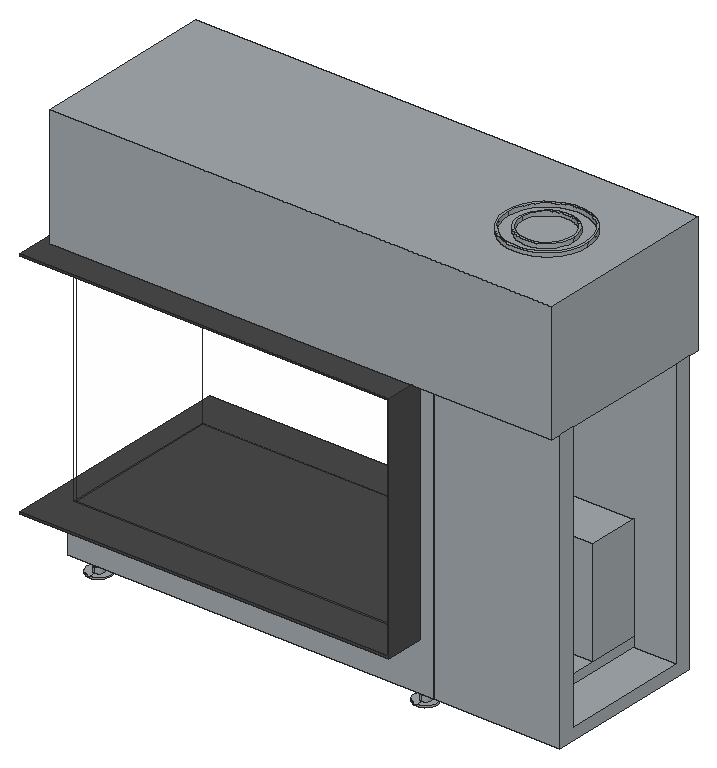
Revit family "METALFIRE_AVENUE_MF_GHE_3S_EXT", category Mechanical Equipment, host Wall, Revit 2017
Family settings
  Host = Wall
  Round Connector Dimension = Use Diameter
  Part Type = Normal
  OmniClass Number = 23.75.00.00
  OmniClass Title = Climate Control (HVAC)
  Always vertical = Yes
  Cut with Voids When Loaded = No
  Shared = No
  Room Calculation Point = Yes
Parameters (values of type "900 x 600 mm")
  WIDTH = 888 mm
  WEIGHT = 200.00 kg
  URL = "https://www.metalfire.eu"
  TECHNICAL SHEET = "https://www.metalfire.eu/en/products/gas-fireplaces/avenue"
  SMOKE EXHAUST = "Ø130/200 mm"
  PRODUCT SHEET = "https://www.archiproducts.com/en/products/metalfire/gas-3-sided-closed-fireplace-avenue-extended_457056"
  PRODUCT CODE = "MF 900-60 GHE 3S EXT"
  OVERALL WIDTH = 1287 mm
  OVERALL HEIGHT = 1083 mm
  OVERALL DEPTH = 468 mm
  OUTPUT = 8.4 kW
  Model = "Avenue"
  Manufacturer = "Metalfire"
  MATERIAL DESCRIPTION = "Iron, galvanized steel and vermiculite plates"
  HEIGHT = 598 mm
  FRAME MATERIAL = Iron - Metalfire
  FINISHING MATERIAL = Black painted vermiculite plates - Metalfire
  ENERGY EFFICIENCY CLASS = "B"
  EFFICIENCY = 86.50%
  Description = "The Avenue represents the gas-fired high efficiency closed fireplaces in the Metalfire range."
  DEPTH = 395 mm
  BIM USER MANUAL = "https://img.edilportale.com/bim/METALFIRE-BIM-USER-MANUAL-Metalfire-bim.pdf"
  BIM BADGE = "https://bim.archiproducts.com/en/badge/bim-archiproducts-featured_658700/about"
  BIM AUTHOR = "https://bim.archiproducts.com"
Types (2, lengths in mm): name | WIDTH | PRODUCT CODE | OVERALL WIDTH | OVERALL HEIGHT | OUTPUT | HEIGHT | EFFICIENCY
  900 x 600 mm | 888 | "MF 900-60 GHE 3S EXT" | 1287 | 1083 | 8.4 kW | 598 | 86.50%
  1050 x 400 mm | 1038 | "MF 1050-40 GHE 3S EXT" | 1413 | 883 | 8.3 kW | 398 | 84.00%
Reference planes
  plane 1 "Wall": y = 0
  plane 2 "Center (Left/Right)": x = 0
  plane 3 "Back": y = 305
  plane 4: x = 444
  plane 5: x = -444
  plane 6: z = 168
  plane 7: z = 766
Forms (mm)
  Extrusion 1, void
    sketch origin (0, 305, 0) x (1, 0, 0) y (0, 0, 1)
      loop
        line (444, 168) -> (444, 766) -> (-503.25, 766) -> (-503.25, 168) -> (444, 168)
    from 0 to 610
  Extrusion 2, solid, material "Iron - Metalfire" <- "FRAME MATERIAL", detail levels fine
    sketch origin (0, 373.083, 0) x (-1, 0, 0) y (0, -1, 0)
      loop
        circle (-603.75, 373.083) r 100
      loop
        circle (-603.75, 373.083) r 105
    from 1073 to 1083
  Extrusion 3, solid, material "Iron - Metalfire" <- "FRAME MATERIAL", detail levels fine
    sketch origin (0, 373.083, 0) x (-1, 0, 0) y (0, -1, 0)
      loop
        circle (-603.75, 373.083) r 65
      loop
        circle (-603.75, 373.083) r 70
    from 1073 to 1083
  Revolve 4, solid, material "Iron - Metalfire" <- "FRAME MATERIAL", detail levels fine
    sketch origin (-419, -558.23, 1200) x (0, -1, 0) y (0, 0, 1)
      loop
        line (-714.93, -1200) -> (-684.93, -1200) -> (-684.93, -1197) -> (-702.93, -1197) -> (-702.93, -1184) -> (-706.93, -1184) -> (-706.93, -1122) -> (-714.93, -1122) -> (-714.93, -1200)
      axis (-714.93, -1122) -> (-714.93, -1200)
    angle from 0 to 360
  Revolve 5, solid, material "Iron - Metalfire" <- "FRAME MATERIAL", detail levels fine
    sketch origin (-419, -244.73, 1200) x (0, -1, 0) y (0, 0, 1)
      loop
        line (-87.93, -1200) -> (-57.93, -1200) -> (-57.93, -1197) -> (-75.93, -1197) -> (-75.93, -1184) -> (-79.93, -1184) -> (-79.93, -1122) -> (-87.93, -1122) -> (-87.93, -1200)
      axis (-87.93, -1122) -> (-87.93, -1200)
    angle from 0 to 360
  Revolve 6, solid, material "Iron - Metalfire" <- "FRAME MATERIAL", detail levels fine
    sketch origin (-419, -558.23, 1200) x (0, -1, 0) y (0, 0, 1)
      loop
        line (-714.93, -1200) -> (-684.93, -1200) -> (-684.93, -1197) -> (-702.93, -1197) -> (-702.93, -1184) -> (-706.93, -1184) -> (-706.93, -1122) -> (-714.93, -1122) -> (-714.93, -1200)
      axis (-714.93, -1122) -> (-714.93, -1200)
    angle from 0 to 360
  Revolve 7, solid, material "Iron - Metalfire" <- "FRAME MATERIAL", detail levels fine
    sketch origin (-419, -244.73, 1200) x (0, -1, 0) y (0, 0, 1)
      loop
        line (-87.93, -1200) -> (-57.93, -1200) -> (-57.93, -1197) -> (-75.93, -1197) -> (-75.93, -1184) -> (-79.93, -1184) -> (-79.93, -1122) -> (-87.93, -1122) -> (-87.93, -1200)
      axis (-87.93, -1122) -> (-87.93, -1200)
    angle from 0 to 360
  Extrusion 8, solid, detail levels fine
    sketch origin (60, -313.8, 0) x (-1, 0, 0) y (0, 0, 1)
      loop
        line (457, 78) -> (454, 78) -> (454, 29.8) -> (504, 29.8) -> (504, 78) -> (501, 78) -> (501, 32.8) -> (457, 32.8) -> (457, 78)
    from 131 to 183
  Extrusion 9, solid, detail levels fine
    sketch origin (60, 247.2, 0) x (-1, 0, 0) y (0, 0, -1)
      loop
        line (457, -78) -> (457, -32.8) -> (501, -32.8) -> (501, -78) -> (504, -78) -> (504, -29.8) -> (454, -29.8) -> (454, -78) -> (457, -78)
    from 64.5 to 116.5
  Revolve 10, solid, material "Iron - Metalfire" <- "FRAME MATERIAL", detail levels fine
    sketch origin (419, -558.18, 1200) x (0, -1, 0) y (0, 0, -1)
      loop
        line (-714.93, 1200) -> (-714.93, 1122) -> (-706.93, 1122) -> (-706.93, 1184) -> (-702.93, 1184) -> (-702.93, 1197) -> (-684.93, 1197) -> (-684.93, 1200) -> (-714.93, 1200)
      axis (-714.93, 1122) -> (-714.93, 1200)
    angle from 0 to 360
  Revolve 11, solid, material "Iron - Metalfire" <- "FRAME MATERIAL", detail levels fine
    sketch origin (419, -244.68, 1200) x (0, -1, 0) y (0, 0, -1)
      loop
        line (-87.93, 1200) -> (-87.93, 1122) -> (-79.93, 1122) -> (-79.93, 1184) -> (-75.93, 1184) -> (-75.93, 1197) -> (-57.93, 1197) -> (-57.93, 1200) -> (-87.93, 1200)
      axis (-87.93, 1122) -> (-87.93, 1200)
    angle from 0 to 360
  Revolve 12, solid, material "Iron - Metalfire" <- "FRAME MATERIAL", detail levels fine
    sketch origin (419, -558.18, 1200) x (0, -1, 0) y (0, 0, -1)
      loop
        line (-714.93, 1200) -> (-714.93, 1122) -> (-706.93, 1122) -> (-706.93, 1184) -> (-702.93, 1184) -> (-702.93, 1197) -> (-684.93, 1197) -> (-684.93, 1200) -> (-714.93, 1200)
      axis (-714.93, 1122) -> (-714.93, 1200)
    angle from 0 to 360
  Revolve 13, solid, material "Iron - Metalfire" <- "FRAME MATERIAL", detail levels fine
    sketch origin (419, -244.68, 1200) x (0, -1, 0) y (0, 0, -1)
      loop
        line (-87.93, 1200) -> (-87.93, 1122) -> (-79.93, 1122) -> (-79.93, 1184) -> (-75.93, 1184) -> (-75.93, 1197) -> (-57.93, 1197) -> (-57.93, 1200) -> (-87.93, 1200)
      axis (-87.93, 1122) -> (-87.93, 1200)
    angle from 0 to 360
  Extrusion 14, solid, detail levels fine
    sketch origin (-60, -313.75, 0) x (1, 0, 0) y (0, 0, -1)
      loop
        line (457, -78) -> (457, -32.8) -> (501, -32.8) -> (501, -78) -> (504, -78) -> (504, -29.8) -> (454, -29.8) -> (454, -78) -> (457, -78)
    from 131 to 183
  Extrusion 15, solid, detail levels fine
    sketch origin (-60, 247.25, 0) x (1, 0, 0) y (0, 0, 1)
      loop
        line (457, 78) -> (454, 78) -> (454, 29.8) -> (504, 29.8) -> (504, 78) -> (501, 78) -> (501, 32.8) -> (457, 32.8) -> (457, 78)
    from 64.5 to 116.5
  Revolve 16, solid, material "Iron - Metalfire" <- "FRAME MATERIAL", not visible, detail levels fine
    sketch origin (-435, -544.43, 1200) x (0, -1, 0) y (0, 0, 1)
      loop
        line (-714.93, -1200) -> (-684.93, -1200) -> (-684.93, -1197) -> (-702.93, -1197) -> (-702.93, -1184) -> (-706.93, -1184) -> (-706.93, -1122) -> (-714.93, -1122) -> (-714.93, -1200)
      axis (-714.93, -1122) -> (-714.93, -1200)
    angle from 0 to 360
  Revolve 17, solid, material "Iron - Metalfire" <- "FRAME MATERIAL", not visible, detail levels fine
    sketch origin (-435, -230.93, 1200) x (0, -1, 0) y (0, 0, 1)
      loop
        line (-87.93, -1200) -> (-57.93, -1200) -> (-57.93, -1197) -> (-75.93, -1197) -> (-75.93, -1184) -> (-79.93, -1184) -> (-79.93, -1122) -> (-87.93, -1122) -> (-87.93, -1200)
      axis (-87.93, -1122) -> (-87.93, -1200)
    angle from 0 to 360
  Revolve 18, solid, material "Iron - Metalfire" <- "FRAME MATERIAL", not visible, detail levels fine
    sketch origin (-435, -544.43, 1200) x (0, -1, 0) y (0, 0, 1)
      loop
        line (-714.93, -1200) -> (-684.93, -1200) -> (-684.93, -1197) -> (-702.93, -1197) -> (-702.93, -1184) -> (-706.93, -1184) -> (-706.93, -1122) -> (-714.93, -1122) -> (-714.93, -1200)
      axis (-714.93, -1122) -> (-714.93, -1200)
    angle from 0 to 360
  Revolve 19, solid, material "Iron - Metalfire" <- "FRAME MATERIAL", not visible, detail levels fine
    sketch origin (-435, -230.93, 1200) x (0, -1, 0) y (0, 0, 1)
      loop
        line (-87.93, -1200) -> (-57.93, -1200) -> (-57.93, -1197) -> (-75.93, -1197) -> (-75.93, -1184) -> (-79.93, -1184) -> (-79.93, -1122) -> (-87.93, -1122) -> (-87.93, -1200)
      axis (-87.93, -1122) -> (-87.93, -1200)
    angle from 0 to 360
  Extrusion 20, solid, not visible, detail levels fine
    sketch origin (44, -300, 0) x (-1, 0, 0) y (0, 0, 1)
      loop
        line (457, 78) -> (454, 78) -> (454, 29.8) -> (504, 29.8) -> (504, 78) -> (501, 78) -> (501, 32.8) -> (457, 32.8) -> (457, 78)
    from 131 to 183
  Extrusion 21, solid, not visible, detail levels fine
    sketch origin (44, 261, 0) x (-1, 0, 0) y (0, 0, -1)
      loop
        line (457, -78) -> (457, -32.8) -> (501, -32.8) -> (501, -78) -> (504, -78) -> (504, -29.8) -> (454, -29.8) -> (454, -78) -> (457, -78)
    from 64.5 to 116.5
  Revolve 22, solid, material "Iron - Metalfire" <- "FRAME MATERIAL", not visible, detail levels fine
    sketch origin (447, -544.43, 1200) x (0, -1, 0) y (0, 0, -1)
      loop
        line (-714.93, 1200) -> (-714.93, 1122) -> (-706.93, 1122) -> (-706.93, 1184) -> (-702.93, 1184) -> (-702.93, 1197) -> (-684.93, 1197) -> (-684.93, 1200) -> (-714.93, 1200)
      axis (-714.93, 1122) -> (-714.93, 1200)
    angle from 0 to 360
  Revolve 23, solid, material "Iron - Metalfire" <- "FRAME MATERIAL", not visible, detail levels fine
    sketch origin (447, -230.93, 1200) x (0, -1, 0) y (0, 0, -1)
      loop
        line (-87.93, 1200) -> (-87.93, 1122) -> (-79.93, 1122) -> (-79.93, 1184) -> (-75.93, 1184) -> (-75.93, 1197) -> (-57.93, 1197) -> (-57.93, 1200) -> (-87.93, 1200)
      axis (-87.93, 1122) -> (-87.93, 1200)
    angle from 0 to 360
  Revolve 24, solid, material "Iron - Metalfire" <- "FRAME MATERIAL", not visible, detail levels fine
    sketch origin (447, -544.43, 1200) x (0, -1, 0) y (0, 0, -1)
      loop
        line (-714.93, 1200) -> (-714.93, 1122) -> (-706.93, 1122) -> (-706.93, 1184) -> (-702.93, 1184) -> (-702.93, 1197) -> (-684.93, 1197) -> (-684.93, 1200) -> (-714.93, 1200)
      axis (-714.93, 1122) -> (-714.93, 1200)
    angle from 0 to 360
  Revolve 25, solid, material "Iron - Metalfire" <- "FRAME MATERIAL", not visible, detail levels fine
    sketch origin (447, -230.93, 1200) x (0, -1, 0) y (0, 0, -1)
      loop
        line (-87.93, 1200) -> (-87.93, 1122) -> (-79.93, 1122) -> (-79.93, 1184) -> (-75.93, 1184) -> (-75.93, 1197) -> (-57.93, 1197) -> (-57.93, 1200) -> (-87.93, 1200)
      axis (-87.93, 1122) -> (-87.93, 1200)
    angle from 0 to 360
  Extrusion 26, solid, not visible, detail levels fine
    sketch origin (-32, -300, 0) x (1, 0, 0) y (0, 0, -1)
      loop
        line (457, -78) -> (457, -32.8) -> (501, -32.8) -> (501, -78) -> (504, -78) -> (504, -29.8) -> (454, -29.8) -> (454, -78) -> (457, -78)
    from 131 to 183
  Extrusion 27, solid, not visible, detail levels fine
    sketch origin (-32, 261, 0) x (1, 0, 0) y (0, 0, 1)
      loop
        line (457, 78) -> (454, 78) -> (454, 29.8) -> (504, 29.8) -> (504, 78) -> (501, 78) -> (501, 32.8) -> (457, 32.8) -> (457, 78)
    from 64.5 to 116.5
  Extrusion 28, void
    sketch origin (0, 0, 0) x (1, 0, 0) y (0, 1, 0)
      loop
        line (-483.25, -234) -> (803.75, -234) -> (803.75, 234) -> (-483.25, 234) -> (-483.25, -234)
    from 0 to 1083
  Extrusion 29, solid, material "Iron - Metalfire" <- "FRAME MATERIAL", detail levels fine
    sketch origin (0, 0, 0) x (1, 0, 0) y (0, 0, 1)
      loop
        line (803.75, 1073) -> (-483.25, 1073) -> (-483.25, 766) -> (803.75, 766) -> (803.75, 1073)
    from -234 to 234
  Extrusion 30, solid, material "Iron - Metalfire" <- "FRAME MATERIAL", detail levels fine
    sketch origin (0, 0, 0) x (1, 0, 0) y (0, 0, 1)
      loop
        line (479, 766) -> (444, 766) -> (444, 168) -> (-460, 168) -> (-460, 46) -> (479, 46) -> (479, 766)
    from -206.5 to 206.5
  Extrusion 31, solid, material "Iron - Metalfire" <- "FRAME MATERIAL", detail levels fine
    sketch origin (0, 0, 0) x (0, 1, 0) y (0, 0, 1)
      loop
        line (-206.5, 46) -> (206.5, 46) -> (206.5, 766) -> (166.5, 766) -> (166.5, 76) -> (-166.5, 76) -> (-166.5, 766) -> (-206.5, 766) -> (-206.5, 46)
    from 479 to 803.75
  Extrusion 32, solid, material "Iron - Metalfire" <- "FRAME MATERIAL", detail levels fine
    sketch origin (0, 0, 0) x (1, 0, 0) y (0, 1, 0)
      loop
        circle (603.75, -59) r 77.5
    from 100 to 766
  Extrusion 33, solid, material "Iron - Metalfire" <- "FRAME MATERIAL", detail levels fine
    sketch origin (0, 0, 0) x (1, 0, 0) y (0, 1, 0)
      loop
        line (479, -166.5) -> (694, -166.5) -> (694, 166.5) -> (479, 166.5) -> (479, -166.5)
    from 76 to 100
  Extrusion 34, solid, material "Iron - Metalfire" <- "FRAME MATERIAL", detail levels fine
    sketch origin (0, 0, 0) x (1, 0, 0) y (0, 1, 0)
      loop
        line (694, 166.5) -> (539, 166.5) -> (539, 36.5) -> (694, 36.5) -> (694, 166.5)
    from 100 to 370
  Extrusion 35, solid, material "Clear Glass - Metalfire", detail levels medium+fine
    sketch origin (0, 0, 0) x (1, 0, 0) y (0, 1, 0)
      loop
        line (-444, 206.5) -> (-444, -206.5) -> (439, -206.5) -> (439, -201.5) -> (-439, -201.5) -> (-439, 201.5) -> (439, 201.5) -> (439, 206.5) -> (-444, 206.5)
    from 173 to 761
  Extrusion 36, solid, material "Black painted vermiculite plates - Metalfire" <- "FINISHING MATERIAL", detail levels medium+fine
    sketch origin (0, 305, 0) x (1, 0, 0) y (0, 0, 1)
      loop
        line (444, 168) -> (444, 766) -> (-503.25, 766) -> (-503.25, 761) -> (439, 761) -> (439, 173) -> (-503.25, 173) -> (-503.25, 168) -> (444, 168)
    from 0 to 610
Text (mm)
  text "Placement side" at (-1820.995, 1116.779, 0), in view "Ref. Level"
  text "Placement side" at (0, 1334.055, 2976.191), in view "Left"
  text "Placement side" at (0, 439.194, 2944.362), in view "Right"
Dimensions and locks
  locked: plane 3 "Back" to host wall
  equal spacing: plane 5, plane 2 "Center (Left/Right)", plane 4
  "WIDTH": plane 5 to plane 4
  locked: level to plane 6 at 168
  "HEIGHT": plane 6 to plane 7
  locked: plane 7 to Extrusion 2 at 317
  locked: plane 4 to Extrusion 29 sketch curve at 359.75
  locked: plane 5 to Extrusion 29 sketch curve at 39.25
  locked: plane 7 to Extrusion 29 sketch curve at 307
  locked: Extrusion 30 sketch curve to plane 6 at 122
  locked: plane 5 to Extrusion 30 sketch curve at 16
  locked: Extrusion 30 sketch curve to plane 4 at 35
  locked: Extrusion 30 to plane 6 at 122
  locked: Extrusion 31 sketch curve to plane 6 at 92
  locked: plane 4 to Extrusion 2 sketch curve at 159.75
  locked: plane 4 to Extrusion 3 sketch curve at 159.75
  locked: Extrusion 33 to Extrusion 33 at 24
  locked: Extrusion 30 to Extrusion 33 sketch curve at 215
  locked: Extrusion 34 sketch curve to Extrusion 34 sketch curve at 130
  locked: Extrusion 34 sketch curve to Extrusion 34 sketch curve at 155
  locked: Extrusion 34 to Extrusion 34 at 270
  locked: Extrusion 30 to Extrusion 35 sketch curve at 5  (x2)
  locked: Extrusion 35 sketch curve to Extrusion 35 sketch curve at 5
  locked: plane 5 to Extrusion 36 sketch curve at 59.25
  locked: Extrusion 36 sketch curve to plane 5 at 59.25
  locked: Extrusion 36 sketch curve to Extrusion 36 sketch curve at 5  (x2)
  equal spacing: Extrusion 36, plane 1 "Wall", Extrusion 36
  aligned and locked: plane 1 "Wall" to host wall
  aligned and locked: Extrusion 2 to Extrusion 3  (x2)
  aligned and locked: Extrusion 28 to Extrusion 2
  aligned and locked: plane 7 to Extrusion 29 sketch curve
  aligned and locked: Extrusion 2 to Extrusion 29
  aligned and locked: Extrusion 30 sketch curve to plane 7
  aligned and locked: Extrusion 30 sketch curve to plane 6
  aligned and locked: plane 7 to Extrusion 31 sketch curve  (x2)
  aligned and locked: Extrusion 29 to Extrusion 31
  aligned and locked: Extrusion 31 to Extrusion 30  (x3)
  aligned and locked: plane 4 to Extrusion 15
  aligned and locked: Extrusion 9 to plane 5
  aligned and locked: plane 1 "Wall" to Extrusion 2 sketch curve
  aligned and locked: plane 1 "Wall" to Extrusion 3 sketch curve
  aligned and locked: Extrusion 33 to Extrusion 31
  aligned and locked: Extrusion 32 to Extrusion 33
  aligned and locked: plane 7 to Extrusion 32
  aligned and locked: Extrusion 33 sketch curve to Extrusion 31  (x2)
  aligned and locked: Extrusion 31 to Extrusion 33 sketch curve
  aligned and locked: Extrusion 34 sketch curve to Extrusion 31
  aligned and locked: Extrusion 33 to Extrusion 34 sketch curve
  aligned and locked: Extrusion 34 to Extrusion 32
  aligned and locked: Extrusion 35 sketch curve to plane 5
  aligned and locked: Extrusion 30 to Extrusion 35 sketch curve  (x2)
  aligned and locked: Extrusion 28 sketch curve to Extrusion 29  (x4)
  aligned and locked: Extrusion 1 sketch curve to plane 7
  aligned and locked: plane 6 to Extrusion 1 sketch curve
  aligned and locked: Extrusion 1 sketch curve to plane 4
  aligned and locked: nested 1 to Extrusion 29  (x4)
  aligned and locked: Extrusion 36 sketch curve to Extrusion 29
  aligned and locked: Extrusion 36 to plane 3 "Back"
  aligned and locked: Extrusion 35 to Extrusion 36  (x3)
  aligned and locked: Extrusion 35 to plane 5
  aligned and locked: Extrusion 1 sketch curve to Extrusion 36
  aligned and locked: host wall to Extrusion 1  (x2)
Automatic sketch dimensions
  Revolve 4 sketch curve to Revolve 4 sketch curve = 8 mm
  Revolve 4 sketch curve to Revolve 4 sketch curve = 4 mm
  Revolve 4 sketch curve to Revolve 4 sketch curve = 18 mm
  Revolve 4 sketch curve to Revolve 4 sketch curve = 13 mm
  Revolve 4 sketch curve to Revolve 4 sketch curve = 0 mm
  Revolve 5 sketch curve to Revolve 5 sketch curve = 8 mm
  Revolve 5 sketch curve to Revolve 5 sketch curve = 4 mm
  Revolve 5 sketch curve to Revolve 5 sketch curve = 18 mm
  Revolve 5 sketch curve to Revolve 5 sketch curve = 13 mm
  Revolve 5 sketch curve to Revolve 5 sketch curve = 0 mm
  Revolve 6 sketch curve to Revolve 6 sketch curve = 8 mm
  Revolve 6 sketch curve to Revolve 6 sketch curve = 4 mm
  Revolve 6 sketch curve to Revolve 6 sketch curve = 18 mm
  Revolve 6 sketch curve to Revolve 6 sketch curve = 13 mm
  Revolve 6 sketch curve to Revolve 6 sketch curve = 0 mm
  Revolve 7 sketch curve to Revolve 7 sketch curve = 8 mm
  Revolve 7 sketch curve to Revolve 7 sketch curve = 4 mm
  Revolve 7 sketch curve to Revolve 7 sketch curve = 18 mm
  Revolve 7 sketch curve to Revolve 7 sketch curve = 13 mm
  Revolve 7 sketch curve to Revolve 7 sketch curve = 0 mm
  Extrusion 8 sketch curve to Extrusion 8 sketch curve = 3 mm  (x3)
  Extrusion 9 sketch curve to Extrusion 9 sketch curve = 3 mm  (x3)
  Revolve 10 sketch curve to Revolve 10 sketch curve = 8 mm
  Revolve 10 sketch curve to Revolve 10 sketch curve = 4 mm
  Revolve 10 sketch curve to Revolve 10 sketch curve = 18 mm
  Revolve 10 sketch curve to Revolve 10 sketch curve = 13 mm
  Revolve 10 sketch curve to Revolve 10 sketch curve = 0 mm
  Revolve 10 sketch curve to Revolve 10 sketch curve = 38.099 mm
  Revolve 11 sketch curve to Revolve 11 sketch curve = 8 mm
  Revolve 11 sketch curve to Revolve 11 sketch curve = 4 mm
  Revolve 11 sketch curve to Revolve 11 sketch curve = 18 mm
  Revolve 11 sketch curve to Revolve 11 sketch curve = 13 mm
  Revolve 11 sketch curve to Revolve 11 sketch curve = 0 mm
  Revolve 11 sketch curve to Revolve 11 sketch curve = 38.099 mm
  Revolve 12 sketch curve to Revolve 12 sketch curve = 8 mm
  Revolve 12 sketch curve to Revolve 12 sketch curve = 4 mm
  Revolve 12 sketch curve to Revolve 12 sketch curve = 18 mm
  Revolve 12 sketch curve to Revolve 12 sketch curve = 13 mm
  Revolve 12 sketch curve to Revolve 12 sketch curve = 0 mm
  Revolve 12 sketch curve to Revolve 12 sketch curve = 38.099 mm
  Revolve 13 sketch curve to Revolve 13 sketch curve = 8 mm
  Revolve 13 sketch curve to Revolve 13 sketch curve = 4 mm
  Revolve 13 sketch curve to Revolve 13 sketch curve = 18 mm
  Revolve 13 sketch curve to Revolve 13 sketch curve = 13 mm
  Revolve 13 sketch curve to Revolve 13 sketch curve = 0 mm
  Revolve 13 sketch curve to Revolve 13 sketch curve = 38.099 mm
  Extrusion 14 sketch curve to Extrusion 14 sketch curve = 3 mm  (x3)
  Extrusion 15 sketch curve to Extrusion 15 sketch curve = 3 mm  (x3)
  Revolve 4 sketch curve to Revolve 4 sketch curve = 3 mm
  Revolve 4 sketch curve to Revolve 4 sketch curve = 62 mm
  Revolve 4 sketch curve to Revolve 4 sketch curve = 38.099 mm
  Revolve 4 sketch curve to Revolve 4 sketch curve = 58.901 mm
  Revolve 5 sketch curve to Revolve 5 sketch curve = 3 mm
  Revolve 5 sketch curve to Revolve 5 sketch curve = 62 mm
  Revolve 5 sketch curve to Revolve 5 sketch curve = 38.099 mm
  Revolve 5 sketch curve to Revolve 5 sketch curve = 58.901 mm
  Revolve 6 sketch curve to Revolve 6 sketch curve = 3 mm
  Revolve 6 sketch curve to Revolve 6 sketch curve = 62 mm
  Revolve 6 sketch curve to Revolve 6 sketch curve = 38.099 mm
  Revolve 6 sketch curve to Revolve 6 sketch curve = 58.901 mm
  Revolve 7 sketch curve to Revolve 7 sketch curve = 3 mm
  Revolve 7 sketch curve to Revolve 7 sketch curve = 62 mm
  Revolve 7 sketch curve to Revolve 7 sketch curve = 38.099 mm
  Revolve 7 sketch curve to Revolve 7 sketch curve = 58.901 mm
  Extrusion 8 sketch curve to Extrusion 8 sketch curve = 44 mm
  Extrusion 8 sketch curve to Extrusion 8 sketch curve = 45.2 mm  (x2)
  Extrusion 9 sketch curve to Extrusion 9 sketch curve = 44 mm
  Extrusion 9 sketch curve to Extrusion 9 sketch curve = 0 mm
  Extrusion 9 sketch curve to Extrusion 9 sketch curve = 45.2 mm
  Revolve 10 sketch curve to Revolve 10 sketch curve = 62 mm
  Revolve 10 sketch curve to Revolve 10 sketch curve = 3 mm
  Revolve 10 sketch curve to Revolve 10 sketch curve = 58.901 mm
  Revolve 11 sketch curve to Revolve 11 sketch curve = 62 mm
  Revolve 11 sketch curve to Revolve 11 sketch curve = 3 mm
  Revolve 11 sketch curve to Revolve 11 sketch curve = 58.901 mm
  Revolve 12 sketch curve to Revolve 12 sketch curve = 62 mm
  Revolve 12 sketch curve to Revolve 12 sketch curve = 3 mm
  Revolve 12 sketch curve to Revolve 12 sketch curve = 58.901 mm
  Revolve 13 sketch curve to Revolve 13 sketch curve = 62 mm
  Revolve 13 sketch curve to Revolve 13 sketch curve = 3 mm
  Revolve 13 sketch curve to Revolve 13 sketch curve = 58.901 mm
  Extrusion 14 sketch curve to Extrusion 14 sketch curve = 44 mm
  Extrusion 14 sketch curve to Extrusion 14 sketch curve = 0 mm
  Extrusion 14 sketch curve to Extrusion 14 sketch curve = 45.2 mm
  Extrusion 15 sketch curve to Extrusion 15 sketch curve = 44 mm
  Extrusion 15 sketch curve to Extrusion 15 sketch curve = 45.2 mm  (x2)
  Revolve 16 sketch curve to Revolve 16 sketch curve = 8 mm
  Revolve 16 sketch curve to Revolve 16 sketch curve = 4 mm
  Revolve 16 sketch curve to Revolve 16 sketch curve = 18 mm
  Revolve 16 sketch curve to Revolve 16 sketch curve = 13 mm
  Revolve 16 sketch curve to Revolve 16 sketch curve = 0 mm
  Revolve 17 sketch curve to Revolve 17 sketch curve = 8 mm
  Revolve 17 sketch curve to Revolve 17 sketch curve = 4 mm
  Revolve 17 sketch curve to Revolve 17 sketch curve = 18 mm
  Revolve 17 sketch curve to Revolve 17 sketch curve = 13 mm
  Revolve 17 sketch curve to Revolve 17 sketch curve = 0 mm
  Revolve 18 sketch curve to Revolve 18 sketch curve = 8 mm
  Revolve 18 sketch curve to Revolve 18 sketch curve = 4 mm
  Revolve 18 sketch curve to Revolve 18 sketch curve = 18 mm
  Revolve 18 sketch curve to Revolve 18 sketch curve = 13 mm
  Revolve 18 sketch curve to Revolve 18 sketch curve = 0 mm
  Revolve 19 sketch curve to Revolve 19 sketch curve = 8 mm
  Revolve 19 sketch curve to Revolve 19 sketch curve = 4 mm
  Revolve 19 sketch curve to Revolve 19 sketch curve = 18 mm
  Revolve 19 sketch curve to Revolve 19 sketch curve = 13 mm
  Revolve 19 sketch curve to Revolve 19 sketch curve = 0 mm
  Extrusion 20 sketch curve to Extrusion 20 sketch curve = 3 mm  (x3)
  Extrusion 21 sketch curve to Extrusion 21 sketch curve = 3 mm  (x3)
  Revolve 16 sketch curve to Revolve 16 sketch curve = 3 mm
  Revolve 16 sketch curve to Revolve 16 sketch curve = 62 mm
  Revolve 16 sketch curve to Revolve 16 sketch curve = 38.099 mm
  Revolve 16 sketch curve to Revolve 16 sketch curve = 58.901 mm
  Revolve 17 sketch curve to Revolve 17 sketch curve = 3 mm
  Revolve 17 sketch curve to Revolve 17 sketch curve = 62 mm
  Revolve 17 sketch curve to Revolve 17 sketch curve = 38.099 mm
  Revolve 17 sketch curve to Revolve 17 sketch curve = 58.901 mm
  Revolve 18 sketch curve to Revolve 18 sketch curve = 3 mm
  Revolve 18 sketch curve to Revolve 18 sketch curve = 62 mm
  Revolve 18 sketch curve to Revolve 18 sketch curve = 38.099 mm
  Revolve 18 sketch curve to Revolve 18 sketch curve = 58.901 mm
  Revolve 19 sketch curve to Revolve 19 sketch curve = 3 mm
  Revolve 19 sketch curve to Revolve 19 sketch curve = 62 mm
  Revolve 19 sketch curve to Revolve 19 sketch curve = 38.099 mm
  Revolve 19 sketch curve to Revolve 19 sketch curve = 58.901 mm
  Extrusion 20 sketch curve to Extrusion 20 sketch curve = 44 mm
  Extrusion 20 sketch curve to Extrusion 20 sketch curve = 45.2 mm  (x2)
  Extrusion 21 sketch curve to Extrusion 21 sketch curve = 44 mm
  Extrusion 21 sketch curve to Extrusion 21 sketch curve = 0 mm
  Extrusion 21 sketch curve to Extrusion 21 sketch curve = 45.2 mm
  Revolve 22 sketch curve to Revolve 22 sketch curve = 8 mm
  Revolve 22 sketch curve to Revolve 22 sketch curve = 4 mm
  Revolve 22 sketch curve to Revolve 22 sketch curve = 18 mm
  Revolve 22 sketch curve to Revolve 22 sketch curve = 13 mm
  Revolve 22 sketch curve to Revolve 22 sketch curve = 0 mm
  Revolve 22 sketch curve to Revolve 22 sketch curve = 38.099 mm
  Revolve 23 sketch curve to Revolve 23 sketch curve = 8 mm
  Revolve 23 sketch curve to Revolve 23 sketch curve = 4 mm
  Revolve 23 sketch curve to Revolve 23 sketch curve = 18 mm
  Revolve 23 sketch curve to Revolve 23 sketch curve = 13 mm
  Revolve 23 sketch curve to Revolve 23 sketch curve = 0 mm
  Revolve 23 sketch curve to Revolve 23 sketch curve = 38.099 mm
  Revolve 24 sketch curve to Revolve 24 sketch curve = 8 mm
  Revolve 24 sketch curve to Revolve 24 sketch curve = 4 mm
  Revolve 24 sketch curve to Revolve 24 sketch curve = 18 mm
  Revolve 24 sketch curve to Revolve 24 sketch curve = 13 mm
  Revolve 24 sketch curve to Revolve 24 sketch curve = 0 mm
  Revolve 24 sketch curve to Revolve 24 sketch curve = 38.099 mm
  Revolve 25 sketch curve to Revolve 25 sketch curve = 8 mm
  Revolve 25 sketch curve to Revolve 25 sketch curve = 4 mm
  Revolve 25 sketch curve to Revolve 25 sketch curve = 18 mm
  Revolve 25 sketch curve to Revolve 25 sketch curve = 13 mm
  Revolve 25 sketch curve to Revolve 25 sketch curve = 0 mm
  Revolve 25 sketch curve to Revolve 25 sketch curve = 38.099 mm
  Extrusion 26 sketch curve to Extrusion 26 sketch curve = 3 mm  (x3)
  Extrusion 27 sketch curve to Extrusion 27 sketch curve = 3 mm  (x3)
  Revolve 22 sketch curve to Revolve 22 sketch curve = 62 mm
  Revolve 22 sketch curve to Revolve 22 sketch curve = 3 mm
  Revolve 22 sketch curve to Revolve 22 sketch curve = 58.901 mm
  Revolve 23 sketch curve to Revolve 23 sketch curve = 62 mm
  Revolve 23 sketch curve to Revolve 23 sketch curve = 3 mm
  Revolve 23 sketch curve to Revolve 23 sketch curve = 58.901 mm
  Revolve 24 sketch curve to Revolve 24 sketch curve = 62 mm
  Revolve 24 sketch curve to Revolve 24 sketch curve = 3 mm
  Revolve 24 sketch curve to Revolve 24 sketch curve = 58.901 mm
  Revolve 25 sketch curve to Revolve 25 sketch curve = 62 mm
  Revolve 25 sketch curve to Revolve 25 sketch curve = 3 mm
  Revolve 25 sketch curve to Revolve 25 sketch curve = 58.901 mm
  Extrusion 26 sketch curve to Extrusion 26 sketch curve = 44 mm
  Extrusion 26 sketch curve to Extrusion 26 sketch curve = 0 mm
  Extrusion 26 sketch curve to Extrusion 26 sketch curve = 45.2 mm
  Extrusion 27 sketch curve to Extrusion 27 sketch curve = 44 mm
  Extrusion 27 sketch curve to Extrusion 27 sketch curve = 45.2 mm  (x2)
  Extrusion 2 sketch curve to Extrusion 2 sketch curve = 0 mm  (x2)
  Extrusion 30 sketch curve to plane 4 = 0 mm
  Extrusion 31 sketch curve to host wall = 98.5 mm
  Extrusion 31 sketch curve to Extrusion 31 sketch curve = 40 mm  (x2)
  Extrusion 31 sketch curve to host wall = 138.5 mm
  Extrusion 31 sketch curve to Extrusion 31 sketch curve = 30 mm
  Extrusion 3 sketch curve to Extrusion 3 sketch curve = 0 mm  (x2)
  host wall to Extrusion 32 sketch curve = 59 mm
  plane 4 to Extrusion 32 sketch curve = 159.75 mm
  Extrusion 35 sketch curve to plane 4 = 5 mm  (x2)
  Extrusion 36 sketch curve to plane 4 = 0 mm
  Extrusion 36 sketch curve to plane 6 = 0 mm
  Extrusion 36 sketch curve to plane 4 = 5 mm
  radius of Extrusion 2 sketch curve = 100 mm
  radius of Extrusion 2 sketch curve = 105 mm
  radius of Extrusion 3 sketch curve = 65 mm
  radius of Extrusion 3 sketch curve = 70 mm
  radius of Extrusion 32 sketch curve = 77.5 mm
Nested families
  nested 1: "FIREPLACE_SYMBOL_detail item" at (160.25, 0, 0), type "FIREPLACE_SYMBOL_detail item", detail levels coarse
    with WIDTH 1287 mm, HEIGHT 468 mm
Connectors
  piping at (603.75, 0, 1083), diameter 130
    settings: on Extrusion 3, index 1, connector inside diameter 609.6 mm, connector length 0 mm, flow factor 0, pipe flow 0.0 L/s, pressure drop 0.0 Pa, fitting loss kfactor 0, connector angle 0.00°, fixture units 0, engagement length 0 mm, angle of deflection 0.00°, flow configuration 0, flow direction 2, fitting loss method 0, system type 22, joint type 0, gender type 0, connector reference index -1, connector utility 0, adjustable connector no, is connector primary yes, connector description ""
Definition of nested family "FIREPLACE_SYMBOL_detail item"
  Parameters (values of type "FIREPLACE_SYMBOL_detail item")
    WIDTH [instance] = 500 mm
    HEIGHT [instance] = 500 mm
  Reference planes
    plane 1 "Center (Front/Back)": y = 0
    plane 2: z = 0
    plane 3 "Center (Left/Right)": x = 0
    plane 4: x = 250
    plane 5: x = -250
    plane 6: y = 250
    plane 7: y = -250
  Lines and regions (mm)
    Filled region 1, type "Concrete", in view "Ref. Level"
      outline origin (-246.617, 90, 0) x (1, 0, 0) y (0, 1, 0)
        loop
          line (-3.383, -340) -> (496.617, -340) -> (496.617, 160) -> (-3.383, -340)
    detail lines, in view "Ref. Level"
      curve 1: line (-250, 250, 0) -> (250, 250, 0)
      curve 2: line (-250, -250, 0) -> (-250, 250, 0)
      curve 3: line (250, -250, 0) -> (-250, -250, 0)
      curve 4: line (250, 250, 0) -> (250, -250, 0)
  Dimensions and locks
    equal spacing: plane 5, plane 3 "Center (Left/Right)", plane 4
    equal spacing: plane 7, plane 1 "Center (Front/Back)", plane 6
    "WIDTH": plane 5 to plane 4
    "HEIGHT": plane 7 to plane 6
    aligned and locked: plane 6 to curve 1
    aligned and locked: plane 5 to curve 2
    aligned and locked: curve 3 to plane 7
    aligned and locked: curve 4 to plane 4
    aligned and locked: plane 6 to Filled region 1 sketch curve
    aligned and locked: plane 5 to Filled region 1 sketch curve
    aligned and locked: Filled region 1 sketch curve to plane 4
    aligned and locked: plane 7 to Filled region 1 sketch curve
